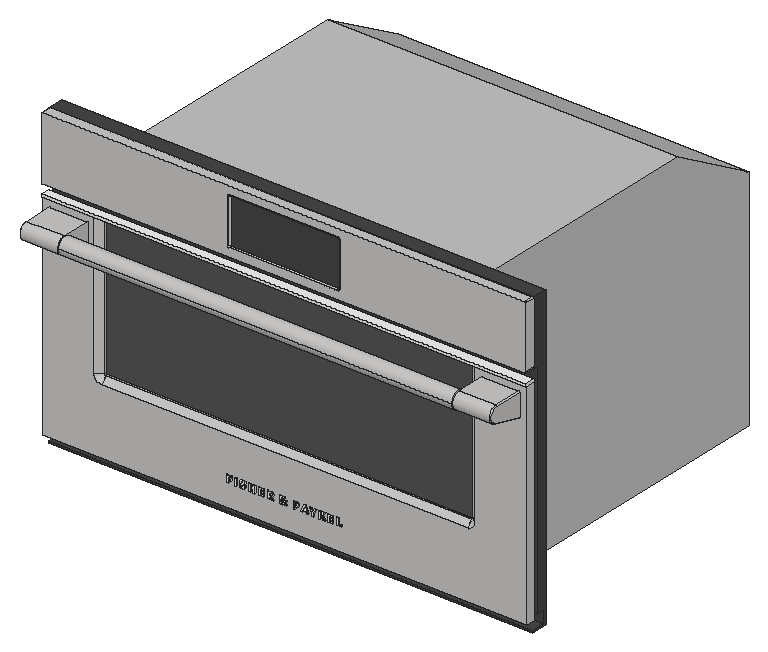
Revit family "FP_Revit_18_OS30NPX1_Steam_Oven_90001973A", category Specialty Equipment, Revit 2018
Family settings
  Round Connector Dimension = Use Diameter
  Part Type = Normal
  OmniClass Number = 23.40.40.14.17.11
  OmniClass Title = Cookers, Ovens, Stoves
  Work Plane-Based = No
  Always vertical = Yes
  Cut with Voids When Loaded = Yes
  Shared = No
  Room Calculation Point = No
Parameters (values of type "OS30NPX1")
  Visibility - Clearance Required = yes
  URL = "www.fisherpaykel.com"
  Product - Width = 758 mm  # constant formula
  Product - Height = 470 mm  # constant formula
  Product - Depth = 623 mm  # constant formula
  Model = "OS30NPX1"
  Material - Trim = Fisher & Paykel - Steel, Chrome Plated
  Material - Structure = Fisher & Paykel - Black
  Material - Logo = Fisher & Paykel - Steel, Chrome Plated
  Material - Handle = Fisher & Paykel - Stainless Steel
  Material - Glass = Fisher & Paykel - Glass, Black
  Material - Front = Fisher & Paykel - Stainless Steel
  Material - Display Panel = Fisher & Paykel - Black
  Material - Body = Fisher & Paykel - Grey
  Manufacturer = "Fisher & Paykel Appliances"
  Keynote = ""
  FFL Offset [instance] = 860 mm
  Description = "30\" Combination Steam Oven"
  Connector Description - Electrical = "120/208 V - 120/240 V, 60 Hz, 15 A circuit"
  Chassis - Width = 645 mm  # constant formula
  Chassis - Height = 447 mm  # constant formula
  Chassis - Depth = 528 mm  # constant formula
  Cavity - Width = 762 mm  # constant formula
  Cavity - Height = 474 mm  # constant formula
  Cavity - Depth = 560 mm  # constant formula
Types (3, lengths in mm): name | Model | Description
  (no name) | "OS30NPX1" | "30\" Combination Steam Oven"
  OS30NPX1 | "OS30NPX1" | "30\" Combination Steam Oven"
  OM30NPX1 | "OM30NPX1" | "30\" Convection Speed Oven"
Reference planes
  plane 1 "Datum": y = 0
  plane 2: z = 0
  plane 3 "Center (Left/Right)": x = 0
  plane 4 "Product - LHS": x = -379
  plane 5 "Product - RHS": x = 379
  plane 6 "Product - Depth": y = 528
  plane 7 "Cavity - LHS": x = -381
  plane 8 "Cavity - RHS": x = 381
  plane 9 "Cavity - Depth": y = 560
  plane 10 "Chassis - LHS": x = -274
  plane 11 "Chassis - RHS": x = 274
  plane 12 "Bottom": z = 862
  plane 13 "Product - Height": z = 1332
  plane 14 "Base": z = 872
  plane 15 "Front": y = -39
  plane 16 "Cavity Base": z = 860
  plane 17 "Cavity - Height": z = 1334
Forms (mm)
  Extrusion 1, solid, material "Fisher & Paykel - Grey" <- "Material - Body"
    sketch origin (0, 0, -15.866) x (0, 1, 0) y (0, 0, 1)
      loop
        line (0, 887.866) -> (528, 887.866) -> (528, 1245.013) -> (391, 1325) -> (17.088, 1325) -> (0, 1334.866) -> (0, 887.866)
    from -274 to 274
  Extrusion 2, solid, material "Fisher & Paykel - Black" <- "Material - Structure"
    sketch origin (0, 0, 0) x (0, 1, 0) y (0, 0, 1)
      loop
        line (0, 1332) -> (-24, 1332) -> (-24, 1232) -> (-16, 1232) -> (-16, 885) -> (-3, 885) -> (-3, 865) -> (-25, 865) -> (-25, 862) -> (0, 862) -> (0, 1332)
    from -379 to 379
  Extrusion 3, solid, material "Fisher & Paykel - Black" <- "Material - Structure", detail levels fine
    sketch origin (0, 0, 0) x (0, 1, 0) y (0, 0, 1)
      loop
        line (-16, 884) -> (-16, 1202) -> (-24, 1202) -> (-24, 884) -> (-16, 884)
    from -273 to 273
  Extrusion 4, solid, material "Fisher & Paykel - Stainless Steel" <- "Material - Front"
    sketch origin (0, 0, 0) x (1, 0, 0) y (0, 0, 1)
      loop
        line (-379, 1213) -> (-379, 878) -> (379, 878) -> (379, 1213) -> (298.5, 1213) -> (298.5, 993.5)
        arc (298.5, 993.5) -> (294.985, 985.015) -> (286.5, 981.5) r 12
        line (286.5, 981.5) -> (-286.5, 981.5)
        arc (-286.5, 981.5) -> (-294.985, 985.015) -> (-298.5, 993.5) r 12
        line (-298.5, 993.5) -> (-298.5, 1213) -> (-379, 1213)
    from 24 to 37.3
  Extrusion 5, solid, material "Fisher & Paykel - Black" <- "Material - Display Panel", detail levels fine
    sketch origin (0, 0, 0) x (1, 0, 0) y (0, 0, 1)
      loop
        line (-87.5, 1319.5) -> (-87.5, 1244.5) -> (87.5, 1244.5) -> (87.5, 1319.5) -> (-87.5, 1319.5)
    from 24 to 36.505
  Extrusion 6, void
    sketch origin (0, 0, 0) x (1, 0, 0) y (0, 0, 1)
      loop
        line (-164, 1038) -> (-224, 1038)
        arc (-224, 1038) -> (-240.263, 1031.263) -> (-247, 1015) r 23
        line (-247, 1015) -> (-247, 933)
        arc (-247, 933) -> (-240.263, 916.737) -> (-224, 910) r 23
        line (-224, 910) -> (-164, 910)
        arc (-164, 910) -> (-147.737, 916.737) -> (-141, 933) r 23
        line (-141, 933) -> (-141, 1015)
        arc (-141, 1015) -> (-147.737, 1031.263) -> (-164, 1038) r 23
      loop
        circle (-194, 967) r 4
    from -528 to -515
  Sweep 7, solid, material "Fisher & Paykel - Stainless Steel" <- "Material - Front"
    path in 3D
      loop
        line (298.5, -37.3, 1213) -> (298.5, -37.3, 993.5)
        arc (298.5, -37.3, 993.5) -> (294.985, -37.3, 985.015) -> (286.5, -37.3, 981.5) r 12
        line (286.5, -37.3, 981.5) -> (-286.5, -37.3, 981.5)
        arc (-286.5, -37.3, 981.5) -> (-294.985, -37.3, 985.015) -> (-298.5, -37.3, 993.5) r 12
        line (-298.5, -37.3, 993.5) -> (-298.5, -37.3, 1213)
    profile origin (0, -37.3, 981.5) x (0, -1, 0) y (0, 0, 1)
      loop
        line (0, 0) -> (-9, 9) -> (-9, 10.5) -> (-10, 10.5) -> (-10, 0) -> (0, 0)
  Extrusion 8, solid, material "Fisher & Paykel - Glass, Black" <- "Material - Glass", detail levels medium+fine
    sketch origin (0, 0, 0) x (1, 0, 0) y (0, 0, 1)
      loop
        line (-298.5, 1213) -> (-298.5, 981.5) -> (298.5, 981.5) -> (298.5, 1213) -> (-298.5, 1213)
    from 24 to 27.3
  Extrusion 9, solid, material "Fisher & Paykel - Steel, Chrome Plated" <- "Material - Trim", detail levels fine
    sketch origin (0, 0, 0) x (1, 0, 0) y (0, 1, 0)
      loop
        line (-379, -24) -> (-379, -38) -> (379, -38) -> (379, -24) -> (-379, -24)
    from 1213 to 1217
  Extrusion 10, solid, material "Fisher & Paykel - Stainless Steel" <- "Material - Handle", detail levels medium+fine
    sketch origin (0, 0, 2) x (0, 1, 0) y (0, 0, 1)
      loop
        line (-37.3, 1199.89) -> (-82.286, 1199.89)
        arc (-82.286, 1199.89) -> (-94.884, 1188.85) -> (-85.594, 1174.912) r 12.708
        line (-85.594, 1174.912) -> (-37.3, 1161.89) -> (-37.3, 1199.89)
    from 308.5 to 368.5
  Extrusion 11, solid, material "Fisher & Paykel - Stainless Steel" <- "Material - Handle", detail levels medium+fine
    sketch origin (0, 0, 2) x (0, 1, 0) y (0, 0, -1)
      loop
        line (-37.3, -1199.89) -> (-37.3, -1161.89) -> (-85.594, -1174.912)
        arc (-85.594, -1174.912) -> (-94.884, -1188.85) -> (-82.286, -1199.89) r 12.708
        line (-82.286, -1199.89) -> (-37.3, -1199.89)
    from 308.5 to 368.5
  Extrusion 12, solid, material "Fisher & Paykel - Stainless Steel" <- "Material - Handle", detail levels medium+fine
    sketch origin (0, -0.338, 2) x (0, 1, 0) y (0, 0, 1)
      loop
        circle (-81.948, 1187.182) r 12.708
    from -308.5 to 308.5
  Extrusion 13, void
    sketch origin (0, 0, 0) x (1, 0, 0) y (0, 0, 1)
      loop
        line (-235, 1229.013) -> (-235, 1220.8) -> (-185, 1220.8) -> (-185, 1229.013) -> (-235, 1229.013)
      loop
        line (-175, 1229.013) -> (-175, 1220.8) -> (-125, 1220.8) -> (-125, 1229.013) -> (-175, 1229.013)
      loop
        line (-115, 1229.013) -> (-115, 1220.8) -> (-65, 1220.8) -> (-65, 1229.013) -> (-115, 1229.013)
      loop
        line (-55, 1229.013) -> (-55, 1220.8) -> (-5, 1220.8) -> (-5, 1229.013) -> (-55, 1229.013)
      loop
        line (235, 1229.013) -> (185, 1229.013) -> (185, 1220.8) -> (235, 1220.8) -> (235, 1229.013)
      loop
        line (175, 1229.013) -> (125, 1229.013) -> (125, 1220.8) -> (175, 1220.8) -> (175, 1229.013)
      loop
        line (115, 1229.013) -> (65, 1229.013) -> (65, 1220.8) -> (115, 1220.8) -> (115, 1229.013)
      loop
        line (55, 1229.013) -> (5, 1229.013) -> (5, 1220.8) -> (55, 1220.8) -> (55, 1229.013)
    from 0 to 16
  Extrusion 14, solid, material "Fisher & Paykel - Grey" <- "Material - Body", detail levels medium+fine
    sketch origin (0, 0, 0) x (1, 0, 0) y (0, 1, 0)
      loop
        line (274, 80) -> (274, 0) -> (322.4, 0) -> (317, 5.4) -> (317, 39) -> (283, 73) -> (283, 80) -> (274, 80)
      loop
        line (-274, 80) -> (-283, 80) -> (-283, 73) -> (-317, 39) -> (-317, 5.4) -> (-322.4, 0) -> (-274, 0) -> (-274, 80)
    from 883 to 884
  Sweep 15, void
    path in 3D
      loop
        line (368.5, -37.3, 1201.89) -> (368.5, -82.286, 1201.89)
        arc (368.5, -82.286, 1201.89) -> (368.5, -94.884, 1190.85) -> (368.5, -85.594, 1176.912) r 12.708
        line (368.5, -85.594, 1176.912) -> (368.5, -36.506, 1163.676)
    profile origin (368.5, -59.793, 1201.89) x (1, 0, 0) y (0, 0, 1)
      loop
        line (0, 0) -> (-1.3, 0) -> (0, -1.3) -> (0, 0)
  Sweep 16, void
    path in 3D
      loop
        line (-368.5, -36.506, 1163.676) -> (-368.5, -85.594, 1176.912)
        arc (-368.5, -85.594, 1176.912) -> (-368.5, -94.884, 1190.85) -> (-368.5, -82.286, 1201.89) r 12.708
        line (-368.5, -82.286, 1201.89) -> (-368.5, -37.3, 1201.89)
    profile origin (-368.5, -59.793, 1201.89) x (-1, 0, 0) y (0, 0, 1)
      loop
        line (0, 0) -> (-1.3, 0) -> (0, -1.3) -> (0, 0)
  Sweep 17, solid, material "Fisher & Paykel - Stainless Steel" <- "Material - Front", detail levels fine
    path in 3D
      loop
        arc (-84.5, -39, 1244.5) -> (-86.621, -39, 1245.379) -> (-87.5, -39, 1247.5) r 3
        line (-87.5, -39, 1247.5) -> (-87.5, -39, 1316.5)
        arc (-87.5, -39, 1316.5) -> (-86.621, -39, 1318.621) -> (-84.5, -39, 1319.5) r 3
        line (-84.5, -39, 1319.5) -> (84.5, -39, 1319.5)
        arc (84.5, -39, 1319.5) -> (86.621, -39, 1318.621) -> (87.5, -39, 1316.5) r 3
        line (87.5, -39, 1316.5) -> (87.5, -39, 1247.5)
        arc (87.5, -39, 1247.5) -> (86.621, -39, 1245.379) -> (84.5, -39, 1244.5) r 3
        line (84.5, -39, 1244.5) -> (-84.5, -39, 1244.5)
    profile origin (0, -39, 1244.5) x (0, -1, 0) y (0, 0, 1)
      loop
        line (0, 0) -> (-2.495, 2.495) -> (-2.495, 0) -> (0, 0)
  Extrusion 18, solid, material "Fisher & Paykel - Stainless Steel" <- "Material - Handle", detail levels coarse
    sketch origin (0, 0, 2) x (0, 1, 0) y (0, 0, 1)
      loop
        line (-37.3, 1199.89) -> (-82.286, 1199.89)
        arc (-82.286, 1199.89) -> (-94.884, 1188.85) -> (-85.594, 1174.912) r 12.708
        line (-85.594, 1174.912) -> (-37.3, 1161.89) -> (-37.3, 1199.89)
    from -368.5 to 368.5
  Sweep 19, solid, material "Fisher & Paykel - Grey" <- "Material - Body", detail levels fine
    path in 3D
      loop
        arc (-164, 528, 910) -> (-147.737, 528, 916.737) -> (-141, 528, 933) r 23
        line (-141, 528, 933) -> (-141, 528, 1015)
        arc (-141, 528, 1015) -> (-147.737, 528, 1031.263) -> (-164, 528, 1038) r 23
        line (-164, 528, 1038) -> (-224, 528, 1038)
        arc (-224, 528, 1038) -> (-240.263, 528, 1031.263) -> (-247, 528, 1015) r 23
        line (-247, 528, 1015) -> (-247, 528, 933)
        arc (-247, 528, 933) -> (-240.263, 528, 916.737) -> (-224, 528, 910) r 23
        line (-224, 528, 910) -> (-164, 528, 910)
    profile origin (-194, 528, 910) x (0, 1, 0) y (0, 0, 1)
      loop
        line (0, 0) -> (-13, 13) -> (-13, 0) -> (0, 0)
  Extrusion 20, solid, material "Fisher & Paykel - Clearance Required", visible <- "Visibility - Clearance Required", detail levels coarse
    sketch origin (0, 0, -1.695) x (0, 1, 0) y (0, 0, 1)
      loop
        line (0, 1335.695) -> (0, 861.695) -> (560, 861.695) -> (560, 1335.695) -> (0, 1335.695)
    from -322.5 to 322.5
  Extrusion 21, void
    sketch origin (0, 0, -1.695) x (0, 1, 0) y (0, 0, 1)
      loop
        line (0, 1335.695) -> (0, 861.695) -> (560, 861.695) -> (560, 1335.695) -> (0, 1335.695)
    from -322.5 to 322.5
  Extrusion 22, solid, material "Fisher & Paykel - Clearance Required", visible <- "Visibility - Clearance Required", detail levels coarse
    sketch origin (0, 0, 0) x (0, 1, 0) y (0, 0, 1)
      loop
        line (0, 860) -> (0, 1334) -> (-39, 1334) -> (-39, 1232)
        arc (-39, 1232) -> (-259.437, 1112.744) -> (-347.495, 878.095) r 357.688
        line (-347.495, 878.095) -> (-331.068, 878.095) -> (-331.068, 833.014)
        arc (-331.068, 833.014) -> (-320.029, 820.416) -> (-306.09, 829.706) r 12.708
        line (-306.09, 829.706) -> (-293.068, 878) -> (-39, 878) -> (-39, 860) -> (0, 860)
    from -381 to 381
  Extrusion 23, solid, material "Fisher & Paykel - Stainless Steel" <- "Material - Front"
    sketch origin (0, 0, 0) x (1, 0, 0) y (0, 0, 1)
      loop
        arc (-376.8, 1332) -> (-378.356, 1331.356) -> (-379, 1329.8) r 2.2
        line (-379, 1329.8) -> (-379, 1233.7)
        arc (-379, 1233.7) -> (-378.502, 1232.498) -> (-377.3, 1232) r 1.7
        line (-377.3, 1232) -> (377.3, 1232)
        arc (377.3, 1232) -> (378.502, 1232.498) -> (379, 1233.7) r 1.7
        line (379, 1233.7) -> (379, 1330.3)
        arc (379, 1330.3) -> (378.502, 1331.502) -> (377.3, 1332) r 1.7
        line (377.3, 1332) -> (-376.8, 1332)
      loop
        arc (-84.5, 1319.5) -> (-86.621, 1318.621) -> (-87.5, 1316.5) r 3
        line (-87.5, 1316.5) -> (-87.5, 1247.5)
        arc (-87.5, 1247.5) -> (-86.621, 1245.379) -> (-84.5, 1244.5) r 3
        line (-84.5, 1244.5) -> (84.5, 1244.5)
        arc (84.5, 1244.5) -> (86.621, 1245.379) -> (87.5, 1247.5) r 3
        line (87.5, 1247.5) -> (87.5, 1316.5)
        arc (87.5, 1316.5) -> (86.621, 1318.621) -> (84.5, 1319.5) r 3
        line (84.5, 1319.5) -> (-84.5, 1319.5)
    from 24 to 39
  Extrusion 24, solid, material "Fisher & Paykel - Steel, Chrome Plated" <- "Material - Logo", detail levels fine
    sketch origin (0, 0, 912) x (1, 0, 0) y (0, 0, 1)
      loop
        line (-89.993, 2) -> (-87.16, 2) -> (-87.16, 5.848) -> (-82.733, 5.848) -> (-82.733, 8.25) -> (-87.16, 8.25) -> (-87.16, 10.481) -> (-82.344, 10.481) -> (-82.344, 12.872) -> (-89.993, 12.872) -> (-89.993, 2)
      loop
        line (-76.961, 12.872) -> (-76.961, 2) -> (-74.128, 2) -> (-74.128, 12.872) -> (-76.961, 12.872)
      loop
        line (-55.218, 12.872) -> (-55.218, 2) -> (-52.385, 2) -> (-52.385, 6.356) -> (-48.224, 6.356) -> (-48.224, 2) -> (-45.391, 2) -> (-45.391, 12.872) -> (-48.224, 12.872) -> (-48.224, 8.746) -> (-52.385, 8.746) -> (-52.385, 12.872) -> (-55.218, 12.872)
      loop
        line (-39.345, 12.872) -> (-39.345, 2) -> (-31.598, 2) -> (-31.598, 4.391) -> (-36.538, 4.391) -> (-36.538, 6.356) -> (-32.023, 6.356) -> (-32.023, 8.746) -> (-36.538, 8.746) -> (-36.538, 10.64) -> (-31.598, 10.64) -> (-31.598, 12.872) -> (-39.345, 12.872)
      loop
        line (82.287, 12.872) -> (82.287, 2) -> (90.007, 2) -> (90.007, 4.391) -> (85.12, 4.391) -> (85.12, 12.872) -> (82.287, 12.872)
      loop
        line (76.463, 12.872) -> (68.689, 12.872) -> (68.689, 2) -> (76.463, 2) -> (76.463, 4.391) -> (71.522, 4.391) -> (71.522, 6.356) -> (76.037, 6.356) -> (76.037, 8.746) -> (71.522, 8.746) -> (71.522, 10.481) -> (76.463, 10.481) -> (76.463, 12.872)
      loop
        line (60.297, 7.666) -> (64.316, 12.872) -> (61.005, 12.872) -> (57.534, 8.375) -> (57.534, 12.872) -> (54.701, 12.872) -> (54.701, 2) -> (57.534, 2) -> (57.534, 6.87) -> (61.111, 2) -> (64.459, 2) -> (60.297, 7.666)
      loop
        line (39.651, 12.872) -> (43.759, 6.356) -> (43.759, 2) -> (46.592, 2) -> (46.592, 6.214) -> (50.7, 12.872) -> (47.69, 12.872) -> (45.265, 8.673) -> (42.841, 12.872) -> (39.651, 12.872)
      loop
        line (33.348, 12.872) -> (30.656, 12.872) -> (26.229, 2) -> (29.01, 2) -> (29.789, 4.001) -> (34.145, 4.001) -> (34.923, 2) -> (37.775, 2) -> (33.348, 12.872)
      loop
        line (33.206, 6.391) -> (31.934, 9.514) -> (30.719, 6.391) -> (33.206, 6.391)
      loop
        line (14.543, 12.872) -> (14.543, 2) -> (17.376, 2) -> (17.376, 5.488) -> (19.166, 5.488)
        arc (19.166, 5.488) -> (22.857, 9.18) -> (19.166, 12.872) r 3.692
        line (19.166, 12.872) -> (14.543, 12.872)
      loop
        line (17.376, 10.481) -> (17.376, 7.755) -> (18.989, 7.755)
        arc (18.989, 7.755) -> (20.352, 9.118) -> (18.989, 10.481) r 1.363
        line (18.989, 10.481) -> (17.376, 10.481)
      loop
        line (-21.123, 12.872) -> (-25.773, 12.872) -> (-25.773, 2) -> (-22.94, 2) -> (-22.94, 5.027) -> (-21.974, 5.027) -> (-19.664, 2) -> (-16.388, 2) -> (-19.163, 5.551)
        arc (-19.163, 5.551) -> (-17.333, 9.964) -> (-21.123, 12.872) r 3.923
      loop
        line (-21.328, 10.481) -> (-22.94, 10.481) -> (-22.94, 7.495) -> (-21.328, 7.495)
        arc (-21.328, 7.495) -> (-19.835, 8.988) -> (-21.328, 10.481) r 1.493
      loop
        line (0.946, 10.481) -> (0.946, 13.075) -> (-6.349, 13.075) -> (-6.349, 10.732) -> (-5.266, 9.401)
        arc (-5.266, 9.401) -> (-6.232, 3.23) -> (0.006, 2.921) r 4.2
        line (0.006, 2.921) -> (0.756, 2) -> (3.97, 2) -> (1.635, 4.87) -> (3.745, 7.909) -> (0.833, 7.909) -> (0.063, 6.8) -> (-2.932, 10.481) -> (0.946, 10.481)
      loop
        arc (-3.739, 7.523) -> (-3.998, 5.002) -> (-1.476, 4.743) r 1.792
        line (-1.476, 4.743) -> (-3.739, 7.523)
      loop
        line (-63.238, 8.541) -> (-65.642, 9.039)
        arc (-65.642, 9.039) -> (-66.601, 9.998) -> (-65.642, 10.957) r 0.959
        arc (-65.642, 10.957) -> (-63.335, 10.623) -> (-61.22, 9.646) r 8.108
        line (-61.22, 9.646) -> (-61.22, 12.338)
        arc (-61.22, 12.338) -> (-63.902, 13.123) -> (-66.694, 12.996) r 8.507
        arc (-66.694, 12.996) -> (-69.278, 9.803) -> (-66.694, 6.609) r 3.266
        line (-66.694, 6.609) -> (-64.27, 6.107)
        arc (-64.27, 6.107) -> (-63.312, 5.148) -> (-64.271, 4.189) r 0.959
        arc (-64.271, 4.189) -> (-66.577, 4.524) -> (-68.692, 5.501) r 8.108
        line (-68.692, 5.501) -> (-68.692, 2.809)
        arc (-68.692, 2.809) -> (-66.01, 2.023) -> (-63.218, 2.15) r 8.507
        arc (-63.218, 2.15) -> (-60.634, 5.354) -> (-63.238, 8.541) r 3.266
    from 37.3 to 38.1
  Extrusion 25, solid, material "Fisher & Paykel - Stainless Steel" <- "Material - Handle", not visible, detail levels medium+fine
    sketch origin (0, 0, 0) x (0, 1, 0) y (0, 0, 1)
      loop
        line (-37.3, 1199.89) -> (-82.286, 1199.89)
        arc (-82.286, 1199.89) -> (-94.884, 1188.85) -> (-85.594, 1174.912) r 12.708
        line (-85.594, 1174.912) -> (-37.3, 1161.89) -> (-37.3, 1199.89)
    from 308.5 to 368.5
  Extrusion 26, solid, material "Fisher & Paykel - Stainless Steel" <- "Material - Handle", not visible, detail levels medium+fine
    sketch origin (0, 0, 0) x (0, 1, 0) y (0, 0, -1)
      loop
        line (-37.3, -1199.89) -> (-37.3, -1161.89) -> (-85.594, -1174.912)
        arc (-85.594, -1174.912) -> (-94.884, -1188.85) -> (-82.286, -1199.89) r 12.708
        line (-82.286, -1199.89) -> (-37.3, -1199.89)
    from 308.5 to 368.5
  Extrusion 27, solid, material "Fisher & Paykel - Stainless Steel" <- "Material - Handle", not visible, detail levels medium+fine
    sketch origin (0, -0.338, 0) x (0, 1, 0) y (0, 0, 1)
      loop
        circle (-81.948, 1187.182) r 12.708
    from -308.5 to 308.5
  Sweep 28, void, not visible
    path in 3D
      loop
        line (368.5, -37.3, 1199.89) -> (368.5, -82.286, 1199.89)
        arc (368.5, -82.286, 1199.89) -> (368.5, -94.884, 1188.85) -> (368.5, -85.594, 1174.912) r 12.708
        line (368.5, -85.594, 1174.912) -> (368.5, -36.506, 1161.676)
    profile origin (368.5, -59.793, 1199.89) x (1, 0, 0) y (0, 0, 1)
      loop
        line (0, 0) -> (-1.3, 0) -> (0, -1.3) -> (0, 0)
  Sweep 29, void, not visible
    path in 3D
      loop
        line (-368.5, -36.506, 1161.676) -> (-368.5, -85.594, 1174.912)
        arc (-368.5, -85.594, 1174.912) -> (-368.5, -94.884, 1188.85) -> (-368.5, -82.286, 1199.89) r 12.708
        line (-368.5, -82.286, 1199.89) -> (-368.5, -37.3, 1199.89)
    profile origin (-368.5, -59.793, 1199.89) x (-1, 0, 0) y (0, 0, 1)
      loop
        line (0, 0) -> (-1.3, 0) -> (0, -1.3) -> (0, 0)
  Extrusion 30, solid, material "Fisher & Paykel - Stainless Steel" <- "Material - Handle", not visible, detail levels coarse
    sketch origin (0, 0, 0) x (0, 1, 0) y (0, 0, 1)
      loop
        line (-37.3, 1199.89) -> (-82.286, 1199.89)
        arc (-82.286, 1199.89) -> (-94.884, 1188.85) -> (-85.594, 1174.912) r 12.708
        line (-85.594, 1174.912) -> (-37.3, 1161.89) -> (-37.3, 1199.89)
    from -368.5 to 368.5
  Extrusion 31, void
    sketch origin (0, 0, 0) x (0, 1, 0) y (0, 0, 1)
      loop
        line (0, 860) -> (0, 1334) -> (-39, 1334) -> (-39, 860) -> (0, 860)
    from -381 to 381
Cuts and joins
  Sweep 15, Sweep 16 cuts Sweep 7
  joined: Extrusion 4, Sweep 7
  Extrusion 6, Extrusion 13 cuts Extrusion 1
  Extrusion 13 cuts Extrusion 2
  Sweep 15 cuts Extrusion 10
  Sweep 16 cuts Extrusion 11
Lines and regions (mm)
  sketch lines
    curve 1: line (286.5, -37.3, 981.5) -> (-286.5, -37.3, 981.5)
    curve 2: arc (286.5, -37.3, 981.5) -> (294.985, -37.3, 985.015) -> (298.5, -37.3, 993.5) r 12
    curve 3: line (298.5, -37.3, 1213) -> (298.5, -37.3, 993.5)
    curve 4: arc (-298.5, -37.3, 993.5) -> (-294.985, -37.3, 985.015) -> (-286.5, -37.3, 981.5) r 12
    curve 5: line (-298.5, -37.3, 993.5) -> (-298.5, -37.3, 1213)
    curve 6: line (368.5, -37.3, 1201.89) -> (368.5, -82.286, 1201.89)
    curve 7: arc (368.5, -85.594, 1176.912) -> (368.5, -94.884, 1190.85) -> (368.5, -82.286, 1201.89) r 12.708
    curve 8: line (368.5, -85.594, 1176.912) -> (368.5, -36.506, 1163.676)
    curve 9: line (-368.5, -82.286, 1201.89) -> (-368.5, -37.3, 1201.89)
    curve 10: arc (-368.5, -82.286, 1201.89) -> (-368.5, -94.884, 1190.85) -> (-368.5, -85.594, 1176.912) r 12.708
    curve 11: line (-368.5, -36.506, 1163.676) -> (-368.5, -85.594, 1176.912)
    curve 12: line (-224, 528, 910) -> (-164, 528, 910)
    curve 13: arc (-224, 528, 910) -> (-240.263, 528, 916.737) -> (-247, 528, 933) r 23
    curve 14: line (-247, 528, 1015) -> (-247, 528, 933)
    curve 15: arc (-247, 528, 1015) -> (-240.263, 528, 1031.263) -> (-224, 528, 1038) r 23
    curve 16: line (-164, 528, 1038) -> (-224, 528, 1038)
    curve 17: arc (-164, 528, 1038) -> (-147.737, 528, 1031.263) -> (-141, 528, 1015) r 23
    curve 18: line (-141, 528, 933) -> (-141, 528, 1015)
    curve 19: arc (-141, 528, 933) -> (-147.737, 528, 916.737) -> (-164, 528, 910) r 23
    curve 20: line (84.5, -39, 1244.5) -> (-84.5, -39, 1244.5)
    curve 21: arc (-87.5, -39, 1247.5) -> (-86.621, -39, 1245.379) -> (-84.5, -39, 1244.5) r 3
    curve 22: line (-87.5, -39, 1247.5) -> (-87.5, -39, 1316.5)
    curve 23: arc (-84.5, -39, 1319.5) -> (-86.621, -39, 1318.621) -> (-87.5, -39, 1316.5) r 3
    curve 24: line (-84.5, -39, 1319.5) -> (84.5, -39, 1319.5)
    curve 25: arc (87.5, -39, 1316.5) -> (86.621, -39, 1318.621) -> (84.5, -39, 1319.5) r 3
    curve 26: line (87.5, -39, 1316.5) -> (87.5, -39, 1247.5)
    curve 27: arc (84.5, -39, 1244.5) -> (86.621, -39, 1245.379) -> (87.5, -39, 1247.5) r 3
  sketch lines, not visible
    curve 28: line (368.5, -37.3, 1199.89) -> (368.5, -82.286, 1199.89)
    curve 29: arc (368.5, -85.594, 1174.912) -> (368.5, -94.884, 1188.85) -> (368.5, -82.286, 1199.89) r 12.708
    curve 30: line (368.5, -85.594, 1174.912) -> (368.5, -36.506, 1161.676)
    curve 31: line (-368.5, -82.286, 1199.89) -> (-368.5, -37.3, 1199.89)
    curve 32: arc (-368.5, -82.286, 1199.89) -> (-368.5, -94.884, 1188.85) -> (-368.5, -85.594, 1174.912) r 12.708
    curve 33: line (-368.5, -36.506, 1161.676) -> (-368.5, -85.594, 1174.912)
Text (mm)
  text "Due to ongoing product development, product details are subject to change without notice. \nPlease always refer to www.fisherpaykel.com for the most current product information. \n© Fisher & Paykel 2020" at (41.04, -459.323, 0), in view "Ref. Level (Plan)"
Dimensions and locks
  equal spacing: plane 4 "Product - LHS", plane 3 "Center (Left/Right)", plane 5 "Product - RHS"
  equal spacing: plane 7 "Cavity - LHS", plane 3 "Center (Left/Right)", plane 8 "Cavity - RHS"
  equal spacing: plane 10 "Chassis - LHS", plane 3 "Center (Left/Right)", plane 11 "Chassis - RHS"
  "Chassis - Depth": plane 6 "Product - Depth" to plane 1 "Datum"
  locked: Extrusion 6 to plane 6 "Product - Depth" at 13
  Extrusion 9 sketch curve to Extrusion 9 sketch curve = 758 mm
  "Product - Width": plane 4 "Product - LHS" to plane 5 "Product - RHS"
  Extrusion 10 to plane 12 "Bottom" = 339.89 mm
  locked: plane 12 "Bottom" to Extrusion 3 at 22
  locked: plane 12 "Bottom" to cut or joined group of Extrusion 2, Extrusion 13 at 23
  locked: Extrusion 10 to plane 12 "Bottom" at 339.89
  locked: Extrusion 14 to plane 12 "Bottom" at 22
  locked: plane 12 "Bottom" to cut or joined group of Extrusion 4, Sweep 7, Sweep 15, Sweep 16 at 16
  locked: plane 12 "Bottom" to cut or joined group of Extrusion 4, Sweep 7, Sweep 15, Sweep 16 at 119.5
  locked: Extrusion 4 sketch curve to plane 12 "Bottom" at 119.5
  equal spacing: Extrusion 20, plane 3 "Center (Left/Right)", Extrusion 20
  locked: plane 12 "Bottom" to Extrusion 22 at 16
  "Cavity - Depth": plane 1 "Datum" to plane 9 "Cavity - Depth"
  locked: plane 14 "Base" to plane 12 "Bottom" at 10
  locked: Extrusion 14 to plane 14 "Base" at 11
  "Product - Height": plane 13 "Product - Height" to plane 12 "Bottom"
  "Cavity - Width": plane 7 "Cavity - LHS" to plane 8 "Cavity - RHS"
  plane 6 "Product - Depth" to Extrusion 12 = 622.994 mm
  "Chassis - Height": cut or joined group of Extrusion 1, Extrusion 6, Extrusion 13 to plane 14 "Base"
  locked: cut or joined group of Extrusion 1, Extrusion 6, Extrusion 13 to plane 14 "Base" at 437.134
  "Chassis - Width": Extrusion 21 to Extrusion 21
  plane 15 "Front" to plane 1 "Datum" = 39 mm
  locked: Extrusion 9 to plane 12 "Bottom" at 355
  locked: Extrusion 9 to plane 12 "Bottom" at 351
  locked: plane 13 "Product - Height" to Sweep 17 at 87.5
  locked: plane 13 "Product - Height" to Sweep 17 at 12.5
  plane 1 "Datum" to plane 15 "Front" = 39 mm
  equal spacing: Extrusion 21, plane 3 "Center (Left/Right)", Extrusion 21
  cut or joined group of Extrusion 1, Extrusion 6, Extrusion 13 to plane 15 "Front" = 567 mm
  locked: Extrusion 24 to plane 14 "Base" at 42
  locked: plane 12 "Bottom" to plane 16 "Cavity Base" at 2
  "Cavity - Height": plane 17 "Cavity - Height" to plane 16 "Cavity Base"
  "FFL Offset": plane 16 "Cavity Base" to level
  aligned and locked: level to plane 2
  aligned and locked: plane 6 "Product - Depth" to Extrusion 1
  aligned and locked: plane 10 "Chassis - LHS" to Extrusion 1
  aligned and locked: plane 11 "Chassis - RHS" to Extrusion 1
  aligned and locked: plane 5 "Product - RHS" to Extrusion 4
  aligned and locked: Extrusion 3 to Extrusion 5
  aligned and locked: plane 6 "Product - Depth" to Extrusion 6
  aligned and locked: Extrusion 8 to Sweep 7
  aligned and locked: Extrusion 8 to Extrusion 3
  aligned and locked: Extrusion 12 to Extrusion 10
  aligned and locked: Extrusion 12 to Extrusion 11
  aligned and locked: Extrusion 13 to Extrusion 3
  aligned and locked: Extrusion 13 to plane 1 "Datum"
  aligned and locked: Extrusion 2 to plane 12 "Bottom"
  aligned and locked: profile plane to Sweep 17 sketch curve
  aligned and locked: Sweep 19 sketch curve to cut or joined group of Extrusion 1, Extrusion 6, Extrusion 13
  aligned and locked: profile plane to Sweep 19 sketch curve
  aligned and locked: plane 9 "Cavity - Depth" to Extrusion 20 sketch curve
  aligned and locked: Extrusion 4 to Sweep 7
  aligned and locked: Extrusion 21 to Extrusion 20
  aligned and locked: Extrusion 9 to Extrusion 8
  aligned and locked: plane 7 "Cavity - LHS" to Extrusion 22
  aligned and locked: Extrusion 22 to plane 8 "Cavity - RHS"
  aligned and locked: cut or joined group of Extrusion 1, Extrusion 6, Extrusion 13 to plane 14 "Base"
  aligned and locked: Extrusion 20 to Extrusion 21
  aligned and locked: Extrusion 9 sketch curve to plane 4 "Product - LHS"
  aligned and locked: plane 4 "Product - LHS" to cut or joined group of Extrusion 2, Extrusion 13
  aligned and locked: cut or joined group of Extrusion 2, Extrusion 13 to plane 5 "Product - RHS"
  aligned and locked: Extrusion 9 to plane 5 "Product - RHS"
  aligned and locked: Extrusion 4 sketch curve to Extrusion 9  (x2)
  aligned and locked: Extrusion 9 to Extrusion 4 sketch curve
  aligned and locked: plane 13 "Product - Height" to Extrusion 23 sketch curve
  aligned and locked: plane 4 "Product - LHS" to Extrusion 9
  aligned and locked: cut or joined group of Extrusion 4, Sweep 7, Sweep 15, Sweep 16 to plane 5 "Product - RHS"
  aligned and locked: plane 17 "Cavity - Height" to Extrusion 22
  aligned and locked: plane 17 "Cavity - Height" to Extrusion 31
  aligned and locked: Extrusion 22 to plane 16 "Cavity Base"
  aligned and locked: Extrusion 31 to plane 16 "Cavity Base"
  aligned and locked: Extrusion 21 to plane 16 "Cavity Base"
  aligned and locked: Extrusion 20 to plane 16 "Cavity Base"
  aligned and locked: plane 17 "Cavity - Height" to Extrusion 21
Automatic sketch dimensions
  Extrusion 10 sketch curve to Extrusion 10 sketch curve = 3.308 mm
  Extrusion 10 sketch curve to Extrusion 10 sketch curve = 13.022 mm
  Extrusion 10 sketch curve to Extrusion 10 sketch curve = 12.27 mm
  Extrusion 11 sketch curve to Extrusion 11 sketch curve = 3.308 mm
  Extrusion 11 sketch curve to Extrusion 11 sketch curve = 12.708 mm
  Extrusion 11 sketch curve to Extrusion 11 sketch curve = 38 mm
  Sweep 15 sketch curve to profile plane = 0 mm
  profile plane to Sweep 15 sketch curve = 0 mm
  profile plane to Sweep 15 sketch curve = 1.3 mm
  Sweep 15 sketch curve to profile plane = 1.3 mm
  Sweep 16 sketch curve to profile plane = 0 mm  (x2)
  profile plane to Sweep 16 sketch curve = 1.3 mm
  Sweep 16 sketch curve to profile plane = 1.3 mm
  Extrusion 18 sketch curve to Extrusion 18 sketch curve = 3.308 mm
  Extrusion 18 sketch curve to Extrusion 18 sketch curve = 13.022 mm
  Extrusion 18 sketch curve to Extrusion 18 sketch curve = 12.27 mm
  Extrusion 10 sketch curve to Extrusion 10 sketch curve = 44.986 mm
  Extrusion 11 sketch curve to Extrusion 11 sketch curve = 44.986 mm
  Extrusion 18 sketch curve to Extrusion 18 sketch curve = 44.986 mm
  Extrusion 25 sketch curve to Extrusion 25 sketch curve = 3.308 mm
  Extrusion 25 sketch curve to Extrusion 25 sketch curve = 13.022 mm
  Extrusion 25 sketch curve to Extrusion 25 sketch curve = 12.27 mm
  Extrusion 26 sketch curve to Extrusion 26 sketch curve = 3.308 mm
  Extrusion 26 sketch curve to Extrusion 26 sketch curve = 12.708 mm
  Extrusion 26 sketch curve to Extrusion 26 sketch curve = 38 mm
  Sweep 28 sketch curve to profile plane = 0 mm
  profile plane to Sweep 28 sketch curve = 0 mm
  profile plane to Sweep 28 sketch curve = 1.3 mm
  Sweep 28 sketch curve to profile plane = 1.3 mm
  Sweep 29 sketch curve to profile plane = 0 mm  (x2)
  profile plane to Sweep 29 sketch curve = 1.3 mm
  Sweep 29 sketch curve to profile plane = 1.3 mm
  Extrusion 30 sketch curve to Extrusion 30 sketch curve = 3.308 mm
  Extrusion 30 sketch curve to Extrusion 30 sketch curve = 13.022 mm
  Extrusion 30 sketch curve to Extrusion 30 sketch curve = 12.27 mm
  Extrusion 25 sketch curve to Extrusion 25 sketch curve = 44.986 mm
  Extrusion 26 sketch curve to Extrusion 26 sketch curve = 44.986 mm
  Extrusion 30 sketch curve to Extrusion 30 sketch curve = 44.986 mm
  Extrusion 1 sketch curve to plane 1 "Datum" = 0 mm
  Extrusion 1 sketch curve to plane 6 "Product - Depth" = 0 mm
  Extrusion 1 sketch curve to plane 14 "Base" = 0 mm
  Extrusion 1 sketch curve to plane 1 "Datum" = 17.088 mm
  Extrusion 1 sketch curve to plane 6 "Product - Depth" = 137 mm
  Extrusion 2 sketch curve to plane 12 "Bottom" = 0 mm
  Extrusion 2 sketch curve to plane 13 "Product - Height" = 0 mm
  Extrusion 2 sketch curve to plane 1 "Datum" = 0 mm
  plane 1 "Datum" to Extrusion 2 sketch curve = 3 mm
  plane 1 "Datum" to Extrusion 2 sketch curve = 16 mm
  Extrusion 2 sketch curve to Extrusion 2 sketch curve = 8 mm
  plane 12 "Bottom" to Extrusion 2 sketch curve = 3 mm
  plane 15 "Front" to Extrusion 2 sketch curve = 14 mm
  plane 14 "Base" to Extrusion 2 sketch curve = 13 mm
  plane 15 "Front" to Extrusion 3 sketch curve = 15 mm
  Extrusion 3 sketch curve to Extrusion 3 sketch curve = 8 mm
  plane 14 "Base" to Extrusion 3 sketch curve = 12 mm
  Extrusion 4 sketch curve to plane 4 "Product - LHS" = 0 mm
  Extrusion 4 sketch curve to plane 5 "Product - RHS" = 0 mm
  plane 10 "Chassis - LHS" to Extrusion 4 sketch curve = 24.5 mm
  Extrusion 4 sketch curve to Extrusion 4 sketch curve = 12 mm
  plane 11 "Chassis - RHS" to Extrusion 4 sketch curve = 12.5 mm
  plane 11 "Chassis - RHS" to Extrusion 4 sketch curve = 24.5 mm
  plane 14 "Base" to Extrusion 4 sketch curve = 6 mm
  Extrusion 5 sketch curve to plane 3 "Center (Left/Right)" = 87.5 mm
  plane 3 "Center (Left/Right)" to Extrusion 5 sketch curve = 87.5 mm
  Extrusion 6 sketch curve to plane 10 "Chassis - LHS" = 27 mm
  Extrusion 6 sketch curve to Extrusion 6 sketch curve = 23 mm  (x3)
  Extrusion 6 sketch curve to Extrusion 6 sketch curve = 30 mm  (x2)
  plane 14 "Base" to Extrusion 6 sketch curve = 38 mm
  Extrusion 6 sketch curve to Extrusion 6 sketch curve = 60 mm
  Extrusion 6 sketch curve to Extrusion 6 sketch curve = 34 mm
  Extrusion 6 sketch curve to Extrusion 6 sketch curve = 48 mm
  Sweep 7 sketch curve to profile plane = 0 mm  (x2)
  profile plane to Sweep 7 sketch curve = 9 mm  (x2)
  Sweep 7 sketch curve to Sweep 7 sketch curve = 1 mm
  Sweep 7 sketch curve to Sweep 7 sketch curve = 1.5 mm
  plane 10 "Chassis - LHS" to Extrusion 8 sketch curve = 24.5 mm
  plane 11 "Chassis - RHS" to Extrusion 8 sketch curve = 24.5 mm
  plane 14 "Base" to Extrusion 8 sketch curve = 109.5 mm
  plane 15 "Front" to Extrusion 9 sketch curve = 1 mm
  Extrusion 9 sketch curve to Extrusion 9 sketch curve = 14 mm
  Extrusion 13 sketch curve to plane 10 "Chassis - LHS" = 39 mm
  Extrusion 13 sketch curve to Extrusion 13 sketch curve = 50 mm  (x6)
  Extrusion 13 sketch curve to Extrusion 13 sketch curve = 10 mm  (x6)
  Extrusion 13 sketch curve to plane 3 "Center (Left/Right)" = 5 mm
  plane 3 "Center (Left/Right)" to Extrusion 13 sketch curve = 5 mm
  Extrusion 13 sketch curve to plane 11 "Chassis - RHS" = 39 mm
  Extrusion 13 sketch curve to Extrusion 13 sketch curve = 0 mm  (x6)
  Extrusion 13 sketch curve to Extrusion 13 sketch curve = 8.213 mm  (x8)
  plane 1 "Datum" to Extrusion 14 sketch curve = 0 mm  (x2)
  plane 10 "Chassis - LHS" to Extrusion 14 sketch curve = 48.4 mm
  Extrusion 14 sketch curve to Extrusion 14 sketch curve = 5.4 mm  (x2)
  plane 10 "Chassis - LHS" to Extrusion 14 sketch curve = 9 mm
  plane 10 "Chassis - LHS" to Extrusion 14 sketch curve = 0 mm
  plane 11 "Chassis - RHS" to Extrusion 14 sketch curve = 0 mm
  plane 11 "Chassis - RHS" to Extrusion 14 sketch curve = 9 mm
  plane 11 "Chassis - RHS" to Extrusion 14 sketch curve = 43 mm
  Extrusion 14 sketch curve to plane 1 "Datum" = 5.4 mm  (x2)
  Extrusion 14 sketch curve to Extrusion 14 sketch curve = 33.6 mm  (x2)
  Extrusion 14 sketch curve to Extrusion 14 sketch curve = 34 mm  (x2)
  Extrusion 14 sketch curve to Extrusion 14 sketch curve = 7 mm  (x2)
  Sweep 17 sketch curve to profile plane = 0 mm
  profile plane to Sweep 17 sketch curve = 2.495 mm  (x2)
  Sweep 19 sketch curve to profile plane = 0 mm
  profile plane to Sweep 19 sketch curve = 13 mm
  Extrusion 20 sketch curve to plane 1 "Datum" = 0 mm
  Extrusion 20 sketch curve to plane 12 "Bottom" = 2 mm
  Extrusion 21 sketch curve to plane 1 "Datum" = 0 mm
  Extrusion 21 sketch curve to plane 9 "Cavity - Depth" = 0 mm
  Extrusion 21 sketch curve to plane 12 "Bottom" = 2 mm
  Extrusion 23 sketch curve to plane 4 "Product - LHS" = 0 mm
  Extrusion 23 sketch curve to plane 5 "Product - RHS" = 0 mm
  Extrusion 23 sketch curve to plane 4 "Product - LHS" = 1.7 mm
  Extrusion 23 sketch curve to plane 4 "Product - LHS" = 2.2 mm
  Extrusion 23 sketch curve to plane 3 "Center (Left/Right)" = 87.5 mm
  Extrusion 23 sketch curve to Extrusion 23 sketch curve = 3 mm  (x3)
  plane 3 "Center (Left/Right)" to Extrusion 23 sketch curve = 84.5 mm
  Extrusion 23 sketch curve to Extrusion 23 sketch curve = 0 mm
  plane 5 "Product - RHS" to Extrusion 23 sketch curve = 1.7 mm  (x2)
  Extrusion 23 sketch curve to Extrusion 23 sketch curve = 69 mm
  plane 14 "Base" to Extrusion 24 sketch curve = 42 mm  (x2)
  Extrusion 24 sketch curve to plane 3 "Center (Left/Right)" = 89.993 mm
  Extrusion 24 sketch curve to Extrusion 24 sketch curve = 2.833 mm  (x13)
  Extrusion 24 sketch curve to Extrusion 24 sketch curve = 4.427 mm
  Extrusion 24 sketch curve to Extrusion 24 sketch curve = 0.389 mm
  Extrusion 24 sketch curve to Extrusion 24 sketch curve = 5.383 mm
  Extrusion 24 sketch curve to Extrusion 24 sketch curve = 5.436 mm
  Extrusion 24 sketch curve to Extrusion 24 sketch curve = 1.998 mm
  Extrusion 24 sketch curve to Extrusion 24 sketch curve = 0.682 mm
  Extrusion 24 sketch curve to Extrusion 24 sketch curve = 0.371 mm  (x2)
  Extrusion 24 sketch curve to Extrusion 24 sketch curve = 0.648 mm
  Extrusion 24 sketch curve to Extrusion 24 sketch curve = 0.723 mm
  Extrusion 24 sketch curve to Extrusion 24 sketch curve = 1.371 mm
  Extrusion 24 sketch curve to Extrusion 24 sketch curve = 0 mm  (x21)
  Extrusion 24 sketch curve to Extrusion 24 sketch curve = 2.404 mm
  Extrusion 24 sketch curve to Extrusion 24 sketch curve = 3.051 mm
  Extrusion 24 sketch curve to Extrusion 24 sketch curve = 8.682 mm
  Extrusion 24 sketch curve to Extrusion 24 sketch curve = 4.161 mm  (x2)
  Extrusion 24 sketch curve to Extrusion 24 sketch curve = 6.046 mm
  Extrusion 24 sketch curve to Extrusion 24 sketch curve = 2.807 mm  (x2)
  Extrusion 24 sketch curve to Extrusion 24 sketch curve = 4.515 mm  (x2)
  Extrusion 24 sketch curve to Extrusion 24 sketch curve = 0.425 mm  (x4)
  Extrusion 24 sketch curve to Extrusion 24 sketch curve = 5.825 mm
  Extrusion 24 sketch curve to Extrusion 24 sketch curve = 0.966 mm
  Extrusion 24 sketch curve to Extrusion 24 sketch curve = 1.611 mm
  Extrusion 24 sketch curve to Extrusion 24 sketch curve = 0.206 mm
  Extrusion 24 sketch curve to Extrusion 24 sketch curve = 3.276 mm  (x2)
  Extrusion 24 sketch curve to Extrusion 24 sketch curve = 2.811 mm
  Extrusion 24 sketch curve to plane 3 "Center (Left/Right)" = 6.349 mm
  Extrusion 24 sketch curve to Extrusion 24 sketch curve = 1.083 mm
  Extrusion 24 sketch curve to Extrusion 24 sketch curve = 1.528 mm
  Extrusion 24 sketch curve to Extrusion 24 sketch curve = 0.765 mm
  Extrusion 24 sketch curve to Extrusion 24 sketch curve = 2.335 mm
  Extrusion 24 sketch curve to Extrusion 24 sketch curve = 0.366 mm
  Extrusion 24 sketch curve to plane 3 "Center (Left/Right)" = 1.476 mm
  plane 3 "Center (Left/Right)" to Extrusion 24 sketch curve = 0.006 mm
  plane 3 "Center (Left/Right)" to Extrusion 24 sketch curve = 0.063 mm
  plane 3 "Center (Left/Right)" to Extrusion 24 sketch curve = 0.756 mm
  plane 3 "Center (Left/Right)" to Extrusion 24 sketch curve = 0.833 mm
  plane 3 "Center (Left/Right)" to Extrusion 24 sketch curve = 0.946 mm
  plane 3 "Center (Left/Right)" to Extrusion 24 sketch curve = 1.635 mm
  Extrusion 24 sketch curve to Extrusion 24 sketch curve = 2.912 mm
  Extrusion 24 sketch curve to Extrusion 24 sketch curve = 3.214 mm
  Extrusion 24 sketch curve to Extrusion 24 sketch curve = 10.799 mm
  Extrusion 24 sketch curve to Extrusion 24 sketch curve = 1.612 mm
  Extrusion 24 sketch curve to Extrusion 24 sketch curve = 0.177 mm
  Extrusion 24 sketch curve to Extrusion 24 sketch curve = 7.064 mm
  Extrusion 24 sketch curve to Extrusion 24 sketch curve = 2.781 mm
  Extrusion 24 sketch curve to Extrusion 24 sketch curve = 0.779 mm  (x2)
  Extrusion 24 sketch curve to Extrusion 24 sketch curve = 0.868 mm
  Extrusion 24 sketch curve to Extrusion 24 sketch curve = 0.93 mm
  Extrusion 24 sketch curve to Extrusion 24 sketch curve = 1.215 mm
  Extrusion 24 sketch curve to Extrusion 24 sketch curve = 2.487 mm
  Extrusion 24 sketch curve to Extrusion 24 sketch curve = 2.692 mm  (x3)
  Extrusion 24 sketch curve to Extrusion 24 sketch curve = 0.939 mm
  Extrusion 24 sketch curve to Extrusion 24 sketch curve = 2.851 mm
  Extrusion 24 sketch curve to Extrusion 24 sketch curve = 6.303 mm
  Extrusion 24 sketch curve to Extrusion 24 sketch curve = 3.19 mm
  Extrusion 24 sketch curve to Extrusion 24 sketch curve = 0.918 mm
  Extrusion 24 sketch curve to Extrusion 24 sketch curve = 1.507 mm
  Extrusion 24 sketch curve to Extrusion 24 sketch curve = 4.849 mm
  Extrusion 24 sketch curve to Extrusion 24 sketch curve = 3.011 mm
  Extrusion 24 sketch curve to Extrusion 24 sketch curve = 4.001 mm
  Extrusion 24 sketch curve to Extrusion 24 sketch curve = 2.763 mm
  Extrusion 24 sketch curve to Extrusion 24 sketch curve = 3.471 mm
  Extrusion 24 sketch curve to Extrusion 24 sketch curve = 3.577 mm
  Extrusion 24 sketch curve to Extrusion 24 sketch curve = 3.311 mm
  Extrusion 24 sketch curve to Extrusion 24 sketch curve = 3.348 mm
  Extrusion 24 sketch curve to Extrusion 24 sketch curve = 4.373 mm
  Extrusion 24 sketch curve to Extrusion 24 sketch curve = 5.824 mm
  Extrusion 24 sketch curve to Extrusion 24 sketch curve = 4.887 mm
  Extrusion 24 sketch curve to Extrusion 24 sketch curve = 0.809 mm
  Extrusion 24 sketch curve to Extrusion 24 sketch curve = 0.041 mm
  Extrusion 24 sketch curve to Extrusion 24 sketch curve = 0.921 mm
  Extrusion 24 sketch curve to Extrusion 24 sketch curve = 2.001 mm
  Extrusion 24 sketch curve to Extrusion 24 sketch curve = 2.391 mm  (x8)
  Extrusion 24 sketch curve to Extrusion 24 sketch curve = 1.827 mm
  Extrusion 24 sketch curve to Extrusion 24 sketch curve = 1.822 mm
  Extrusion 24 sketch curve to Extrusion 24 sketch curve = 1.948 mm
  Extrusion 24 sketch curve to Extrusion 24 sketch curve = 3.027 mm
  Extrusion 24 sketch curve to Extrusion 24 sketch curve = 0.472 mm  (x2)
  Extrusion 24 sketch curve to Extrusion 24 sketch curve = 0.195 mm  (x2)
  Extrusion 24 sketch curve to Extrusion 24 sketch curve = 3.488 mm
  Extrusion 24 sketch curve to Extrusion 24 sketch curve = 0.525 mm
  Extrusion 24 sketch curve to Extrusion 24 sketch curve = 3.848 mm
  Extrusion 24 sketch curve to Extrusion 24 sketch curve = 1.138 mm
  Extrusion 24 sketch curve to Extrusion 24 sketch curve = 0.764 mm  (x2)
  Extrusion 24 sketch curve to Extrusion 24 sketch curve = 0.252 mm
  Extrusion 24 sketch curve to Extrusion 24 sketch curve = 4.214 mm
  Extrusion 24 sketch curve to Extrusion 24 sketch curve = 4.356 mm
  Extrusion 24 sketch curve to Extrusion 24 sketch curve = 1.965 mm  (x2)
  Extrusion 24 sketch curve to Extrusion 24 sketch curve = 0.142 mm
  Extrusion 24 sketch curve to Extrusion 24 sketch curve = 2.39 mm
  Extrusion 24 sketch curve to Extrusion 24 sketch curve = 1.109 mm  (x2)
  Extrusion 24 sketch curve to Extrusion 24 sketch curve = 1.931 mm
  Extrusion 24 sketch curve to Extrusion 24 sketch curve = 4.87 mm
  Extrusion 24 sketch curve to Extrusion 24 sketch curve = 2.468 mm
  Extrusion 24 sketch curve to Extrusion 24 sketch curve = 0.796 mm
  Extrusion 24 sketch curve to Extrusion 24 sketch curve = 2.267 mm
  Extrusion 24 sketch curve to Extrusion 24 sketch curve = 2.402 mm
  Extrusion 24 sketch curve to Extrusion 24 sketch curve = 1.506 mm
  Extrusion 24 sketch curve to Extrusion 24 sketch curve = 2.434 mm
  Extrusion 24 sketch curve to Extrusion 24 sketch curve = 2.317 mm
  Extrusion 24 sketch curve to Extrusion 24 sketch curve = 1.454 mm
  Extrusion 24 sketch curve to Extrusion 24 sketch curve = 0.039 mm
  Extrusion 24 sketch curve to Extrusion 24 sketch curve = 0.498 mm
  Extrusion 24 sketch curve to Extrusion 24 sketch curve = 1.363 mm
  Extrusion 24 sketch curve to Extrusion 24 sketch curve = 0.062 mm
  Extrusion 24 sketch curve to Extrusion 24 sketch curve = 3.122 mm
  Extrusion 24 sketch curve to Extrusion 24 sketch curve = 1.104 mm
  Extrusion 24 sketch curve to Extrusion 24 sketch curve = 1.735 mm
  Extrusion 24 sketch curve to Extrusion 24 sketch curve = 2.231 mm  (x2)
  Extrusion 24 sketch curve to Extrusion 24 sketch curve = 1.08 mm
  Extrusion 24 sketch curve to Extrusion 24 sketch curve = 1.894 mm
  Extrusion 24 sketch curve to Extrusion 24 sketch curve = 1.331 mm
  Extrusion 24 sketch curve to Extrusion 24 sketch curve = 1.34 mm
  Extrusion 24 sketch curve to Extrusion 24 sketch curve = 4.126 mm  (x2)
  Extrusion 24 sketch curve to Extrusion 24 sketch curve = 4.199 mm
  Extrusion 24 sketch curve to Extrusion 24 sketch curve = 3.358 mm
  Extrusion 24 sketch curve to Extrusion 24 sketch curve = 0.125 mm
  Extrusion 24 sketch curve to Extrusion 24 sketch curve = 5.206 mm
  Extrusion 24 sketch curve to Extrusion 24 sketch curve = 2.343 mm
  Extrusion 31 sketch curve to plane 1 "Datum" = 0 mm
  plane 13 "Product - Height" to Extrusion 31 sketch curve = 2 mm
  Extrusion 31 sketch curve to plane 12 "Bottom" = 2 mm
  Extrusion 31 sketch curve to plane 15 "Front" = 0 mm
  Extrusion 1 sketch curve to plane 13 "Product - Height" = 102.853 mm
  Extrusion 1 sketch curve to plane 13 "Product - Height" = 22.866 mm
  Extrusion 1 sketch curve to plane 13 "Product - Height" = 13 mm
  Extrusion 2 sketch curve to plane 13 "Product - Height" = 100 mm
  Extrusion 3 sketch curve to plane 13 "Product - Height" = 130 mm
  Extrusion 5 sketch curve to plane 13 "Product - Height" = 87.5 mm
  Extrusion 5 sketch curve to plane 13 "Product - Height" = 12.5 mm
  Extrusion 8 sketch curve to plane 13 "Product - Height" = 119 mm
  Extrusion 13 sketch curve to plane 13 "Product - Height" = 111.2 mm  (x2)
  plane 13 "Product - Height" to Extrusion 20 sketch curve = 2 mm
  plane 13 "Product - Height" to Extrusion 21 sketch curve = 2 mm
  Extrusion 23 sketch curve to plane 13 "Product - Height" = 12.5 mm
  Extrusion 23 sketch curve to Extrusion 23 sketch curve = 96.6 mm
  Extrusion 22 sketch curve to plane 15 "Front" = 0 mm  (x2)
  Extrusion 22 sketch curve to plane 1 "Datum" = 0 mm
  Extrusion 22 sketch curve to plane 16 "Cavity Base" = 0 mm
  Extrusion 22 sketch curve to plane 17 "Cavity - Height" = 0 mm
  plane 14 "Base" to Extrusion 22 sketch curve = 6 mm
  Extrusion 22 sketch curve to plane 15 "Front" = 254.068 mm
  Extrusion 22 sketch curve to plane 16 "Cavity Base" = 30.294 mm
  Extrusion 22 sketch curve to Extrusion 22 sketch curve = 13.022 mm
  Extrusion 22 sketch curve to Extrusion 22 sketch curve = 12.27 mm
  plane 14 "Base" to Extrusion 22 sketch curve = 6.095 mm
  Extrusion 22 sketch curve to Extrusion 22 sketch curve = 38 mm
  Extrusion 22 sketch curve to plane 1 "Datum" = 10.193 mm
  plane 14 "Base" to Extrusion 22 sketch curve = 5.711 mm
  Extrusion 22 sketch curve to Extrusion 22 sketch curve = 16.427 mm
  radius of Extrusion 12 sketch curve = 12.708 mm
  radius of Extrusion 27 sketch curve = 12.708 mm
  radius of Extrusion 6 sketch curve = 4 mm
Connectors
  electrical at (-194, 528, 967), driven by "Connector Description - Electrical"
    settings: on cut or joined group of Extrusion 1, Extrusion 6, Extrusion 13, index 1, voltage 120 V, apparent load 0 VA, apparent load phase1 0 VA, apparent load phase2 0 VA, apparent load phase3 0 VA, power factor 1, load classification "Other", number of poles 1, system type 30, power factor state 1, is connector primary yes, connector utility no, sub classification motor no, connector description "120/208 V - 120/240 V, 60 Hz, 15 A circuit"
